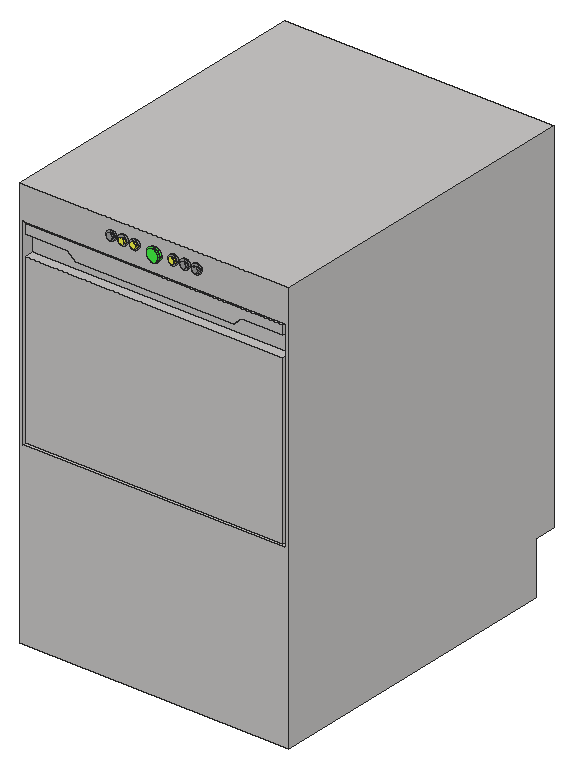
Revit family "QF_ZANUSSI_402205_ZSI", category Specialty Equipment, Revit 2018
Family settings
  Round Connector Dimension = Use Diameter
  Part Type = Normal
  Work Plane-Based = No
  Always vertical = Yes
  Cut with Voids When Loaded = No
  Shared = No
  Room Calculation Point = No
Parameters
  Weight = 37.00 kg
  Watts = 0 W
  Volts = 0 V
  URL Manufacturer = ""
  URL = "http://professional.electrolux.com/"
  Steam Supply Size = 0 mm
  Steam Supply Minimum Pressure = 0.0 Pa
  Steam Supply Maximum Pressure = 0.0 Pa
  Steam Pounds per Hour = 0
  Show Logo [instance] = yes
  Show Clearance [instance] = yes
  Refrigeration Suction Line Size = 0 mm
  Refrigeration Liquid Line Size = 0 mm
  Refrigerant Compressor Remote = yes
  Manufacturer = ""
  Phase = 0
  Model = ""
  Length Actual = 460 mm  # constant formula
  Item Number = ""
  Hot Water Size = 0 mm
  Height Actual = 715 mm  # constant formula
  HP = "4.4 HP"
  Gas Size = 0 mm
  Gas KW = 0
  Gas Input Pressure = 0 W
  Direct Waste Size = 22 mm
  Description = ""
  Depth Actual = 565 mm  # constant formula
  Cycle = 0 Hz
  Condensate Return Size = 0 mm
  Compressed Air Volume = 0.0 L/s
  Compressed Air Size = 0 mm
  Compressed Air Pressure = 0.0 Pa
  Cold Water Size = 0 mm
  Accessory = yes
Types (2, lengths in mm): name | Volts | URL Manufacturer | URL | Manufacturer | Phase | Model | Item Number | Description | Cycle | Cold Water Size
  (no name) | 0 V | "" | "http://professional.electrolux.com/" | "" | 0 | "" | "" | "" | 0 Hz | 0
  Standard | 230 V | "http://professional.electrolux.com" | "http://professional.electrolux.com" | "Electrolux Professional" | 1 | "ESI" | "402201" | "GLASSWASHER(S) DOUBLE SKIN, 30B/H" | 50 Hz | 19.05
Reference planes
  plane 1 "Center (Front/Back)": y = 0
  plane 2: z = 0
  plane 3 "Center (Left/Right)": x = 0
  plane 4 "LEFT": x = -230
  plane 5 "RIGHT": x = 230
  plane 6 "FRONT": y = -282.5
  plane 7 "BACK": y = 282.5
  plane 8: x = -202.5
  plane 9: x = 202.5
  plane 10: z = 715
  plane 11: z = 10
Forms (mm)
  Extrusion 1, solid, material "QF_Finishes_Stainless Steel"
    sketch origin (0, 0, 0) x (1, 0, 0) y (0, 1, 0)
      loop
        line (-230, -282.5) -> (230, -282.5) -> (230, 243.5) -> (-230, 243.5) -> (-230, -282.5)
    from 10 to 715
  Extrusion 2, solid, material "QF_Finishes_Stainless Steel"
    sketch origin (0, 0, 0) x (1, 0, 0) y (0, 1, 0)
      loop
        line (-230, 243.5) -> (230, 243.5) -> (230, 282.5) -> (-230, 282.5) -> (-230, 243.5)
    from 100 to 715
  Extrusion 3, solid, material "QF_Finishes_Stainless Steel"
    sketch origin (0, 0, 0) x (1, 0, 0) y (0, 1, 0)
      loop
        circle (-202.5, 184.5) r 12.5
      loop
        circle (202.5, 184.5) r 12.5
      loop
        circle (-202.5, -235.5) r 12.5
      loop
        circle (202.5, -235.5) r 12.5
    from 0 to 10
  Extrusion 4, void
    sketch origin (-230, -282.5, 0) x (-1, 0, 0) y (0, 0, 1)
      loop
        line (-5, 658.217) -> (-455, 658.217) -> (-455, 315) -> (-5, 315) -> (-5, 658.217)
    from 0 to 30
  Extrusion 5, solid, material "QF_Finishes_Stainless Steel"
    sketch origin (-288, -392, 738) x (0, 0, -1) y (1, 0, 0)
      loop
        circle (693, 213) r 10
    from -635.5 to -674.5
  Extrusion 6, solid, material "QF_Door-Drawer Clearances", visible <- "Show Clearance", detail levels coarse
    sketch origin (-230, -282.5, 0) x (0, 1, 0) y (0, 0, -1)
      loop
        line (0, -315) -> (-315, -315)
        arc (-315, -315) -> (-223.2, -545.869) -> (0, -655) r 344.605
        line (0, -655) -> (0, -315)
    from -10 to -450
  Extrusion 7, solid, material "QF_Finishes_Stainless Steel"
    sketch origin (-242.481, -392, 738) x (0, 0, -1) y (1, 0, 0)
      loop
        circle (663, 322.481) r 8
    from -635.5 to -674.5
  Extrusion 8, solid, material "QF_Finishes_Green"
    sketch origin (234, -282.5, -28.75) x (-1, 0, 0) y (0, 0, -1)
      loop
        circle (234, -714.569) r 10
    from 0 to 5
  Extrusion 9, solid, material "QF_Finishes_Gray"
    sketch origin (234, -282.5, -24.375) x (-1, 0, 0) y (0, 0, -1)
      loop
        circle (306.936, -713.972) r 5
    from 0 to 5
  Extrusion 10, solid, material "QF_Finishes_Stainless Steel"
    sketch origin (-230, -282.5, 0) x (0, 1, 0) y (0, 0, -1)
      loop
        line (0, -319.622) -> (0, -605) -> (15, -605) -> (15, -655) -> (25, -655) -> (25, -319.622) -> (0, -319.622)
    from -10 to -450
  Extrusion 11, solid, material "QF_Finishes_Stainless Steel"
    sketch origin (-230, -282.5, 0) x (0, 1, 0) y (0, 0, -1)
      loop
        line (15, -655) -> (15, -652.514) -> (2.5, -652.514) -> (2.5, -626.25) -> (0, -626.25) -> (0, -655) -> (15, -655)
    from -10 to -450
  Extrusion 12, void
    sketch origin (-230, -282.5, 655) x (0, 0, 1) y (1, 0, 0)
      loop
        line (-15.552, 10) -> (-15.552, 81.607) -> (-28.75, 94.804) -> (-28.75, 10) -> (-15.552, 10)
      loop
        line (-15.552, 450) -> (-28.75, 450) -> (-28.75, 365.196) -> (-15.552, 378.393) -> (-15.552, 450)
    from 0 to 2.5
  Extrusion 13, solid, material "QF_Finishes_Stainless Steel"
    sketch origin (-328, -392, 738) x (0, 0, -1) y (1, 0, 0)
      loop
        circle (663, 228) r 8
    from -635.5 to -674.5
  Extrusion 14, solid, material "QF_Finishes_Green"
    sketch origin (-230, -282.5, 0) x (1, 0, 0) y (0, 0, 1)
      loop
        circle (230, 685.819) r 12
      loop
        circle (230, 685.819) r 10
    from 0 to 2.5
  Extrusion 15, solid, material "QF_Finishes_Gray"
    sketch origin (-210, -282.5, -28.75) x (1, 0, 0) y (0, 0, 1)
      loop
        circle (262.936, 718.347) r 8
      loop
        circle (262.936, 718.347) r 5
      loop
        circle (242.936, 718.347) r 8
      loop
        circle (242.936, 718.347) r 5
      loop
        circle (282.936, 718.347) r 8
      loop
        circle (282.936, 718.347) r 5
    from 0 to 2.5
  Extrusion 16, solid, material "QF_Finishes_Gray"
    sketch origin (-234, -282.5, -24.375) x (1, 0, 0) y (0, 0, 1)
      loop
        circle (286.936, 713.972) r 5
      loop
        circle (306.936, 713.972) r 5
    from 0 to 5
  Extrusion 17, solid, material "QF_Finishes_Gray"
    sketch origin (210, -282.5, -28.75) x (-1, 0, 0) y (0, 0, -1)
      loop
        circle (262.936, -718.347) r 8
      loop
        circle (262.936, -718.347) r 5
      loop
        circle (242.936, -718.347) r 8
      loop
        circle (242.936, -718.347) r 5
      loop
        circle (282.936, -718.347) r 8
      loop
        circle (282.936, -718.347) r 5
    from 0 to 2.5
  Extrusion 18, solid, material "QF_Finishes_Yellow"
    sketch origin (254, -282.5, -24.375) x (-1, 0, 0) y (0, 0, -1)
      loop
        circle (306.936, -713.972) r 5
    from 0 to 5
  Extrusion 19, solid, material "QF_Finishes_Yellow"
    sketch origin (274, -282.5, -24.375) x (-1, 0, 0) y (0, 0, -1)
      loop
        circle (306.936, -713.972) r 5
    from 0 to 5
  Extrusion 20, solid, material "QF_Finishes_Yellow"
    sketch origin (339.871, -282.5, -24.375) x (-1, 0, 0) y (0, 0, -1)
      loop
        circle (306.936, -713.972) r 5
    from 0 to 5
Cuts and joins
  Extrusion 4 cuts Extrusion 1
  joined: Extrusion 1, Extrusion 2
  Extrusion 12 cuts Extrusion 10
  Extrusion 12 cuts Extrusion 11
Lines and regions (mm)
  Split face 1
    outline origin (-230, -282.5, 715) x (0, 0, -1) y (1, 0, 0)
      loop
        line (35, 0) -> (35, 60) -> (49.142, 74.142) -> (49.142, 214.142) -> (11.456, 214.142)
        arc (11.456, 214.142) -> (9.82, 214.82) -> (9.142, 216.456) r 2.314
        line (9.142, 216.456) -> (9.142, 230) -> (9.142, 243.544)
        arc (9.142, 243.544) -> (9.82, 245.18) -> (11.456, 245.858) r 2.314
        line (11.456, 245.858) -> (49.142, 245.858) -> (49.142, 385.858) -> (35, 400) -> (35, 460)
      loop
        line (56.783, 5) -> (56.783, 0)
      loop
        line (56.783, 455) -> (56.783, 460)
  symbolic lines
    curve 1: line (-230, 282.5, 0) -> (230, 282.5, 0)
    curve 2: line (-230, -282.5, 0) -> (-230, 282.5, 0)
    curve 3: line (230, -282.5, 0) -> (-230, -282.5, 0)
    curve 4: line (230, 282.5, 0) -> (230, -282.5, 0)
    curve 9: line (-80.94, -285, 0) -> (-80.94, -282.5, 0)
    curve 10: line (-64.948, -285, 0) -> (-64.948, -282.5, 0)
    curve 11: line (-77.926, -287.5, 0) -> (-67.936, -287.5, 0)
    curve 12: line (-67.936, -287.5, 0) -> (-67.936, -285, 0)
    curve 13: line (-77.926, -287.5, 0) -> (-77.926, -285, 0)
    curve 14: line (-60.936, -285, 0) -> (-44.936, -285, 0)
    curve 15: line (-44.936, -285, 0) -> (-44.936, -282.5, 0)
    curve 16: line (-60.936, -285, 0) -> (-60.936, -282.5, 0)
    curve 17: line (-57.936, -287.5, 0) -> (-47.936, -287.5, 0)
    curve 18: line (-47.936, -287.5, 0) -> (-47.936, -285, 0)
    curve 19: line (-57.936, -287.5, 0) -> (-57.936, -285, 0)
    curve 20: line (-40.936, -285, 0) -> (-24.936, -285, 0)
    curve 21: line (-24.936, -285, 0) -> (-24.936, -282.5, 0)
    curve 22: line (-40.936, -285, 0) -> (-40.936, -282.5, 0)
    curve 23: line (-37.936, -287.5, 0) -> (-27.936, -287.5, 0)
    curve 24: line (-27.936, -287.5, 0) -> (-27.936, -285, 0)
    curve 25: line (-37.936, -287.5, 0) -> (-37.936, -285, 0)
    curve 26: line (24.936, -285, 0) -> (40.936, -285, 0)
    curve 27: line (40.936, -285, 0) -> (40.936, -282.5, 0)
    curve 28: line (27.936, -287.5, 0) -> (37.936, -287.5, 0)
    curve 29: line (37.936, -287.5, 0) -> (37.936, -285, 0)
    curve 30: line (27.936, -287.5, 0) -> (27.936, -285, 0)
    curve 31: line (24.936, -285, 0) -> (24.936, -282.5, 0)
    curve 32: line (-12, -285, 0) -> (12, -285, 0)
    curve 33: line (12, -285, 0) -> (12, -282.5, 0)
    curve 34: line (-12, -285, 0) -> (-12, -282.5, 0)
    curve 35: line (-10, -287.5, 0) -> (10, -287.5, 0)
    curve 36: line (10, -287.5, 0) -> (10, -285, 0)
    curve 37: line (-10, -287.5, 0) -> (-10, -285, 0)
    curve 39: line (44.936, -285, 0) -> (60.936, -285, 0)
    curve 40: line (60.936, -285, 0) -> (60.936, -282.5, 0)
    curve 41: line (47.936, -287.5, 0) -> (57.936, -287.5, 0)
    curve 42: line (57.936, -287.5, 0) -> (57.936, -285, 0)
    curve 43: line (47.936, -287.5, 0) -> (47.936, -285, 0)
    curve 44: line (44.936, -285, 0) -> (44.936, -282.5, 0)
    curve 45: line (64.936, -285, 0) -> (80.936, -285, 0)
    curve 46: line (80.936, -285, 0) -> (80.936, -282.5, 0)
    curve 47: line (67.936, -287.5, 0) -> (77.936, -287.5, 0)
    curve 48: line (77.936, -287.5, 0) -> (77.936, -285, 0)
    curve 49: line (67.936, -287.5, 0) -> (67.936, -285, 0)
    curve 50: line (64.936, -285, 0) -> (64.936, -282.5, 0)
  symbolic lines, style "QF_Door-Drawer Clearances"
    curve 5: line (-220, -597.5, 0) -> (220, -597.5, 0)
    curve 6: line (220, -597.5, 0) -> (220, -282.5, 0)
    curve 7: line (-220, -597.5, 0) -> (-220, -282.5, 0)
  symbolic lines, style "SpecialityEquipment"
    curve 8: line (-80.94, -285, 0) -> (-64.948, -285, 0)
  symbolic lines, style "SpecialityEquipmentHiddenLines"
    curve 38: line (-230, 243.5, 0) -> (230, 243.5, 0)
Dimensions and locks
  equal spacing: plane 4 "LEFT", plane 3 "Center (Left/Right)", plane 5 "RIGHT"
  equal spacing: plane 7 "BACK", plane 1 "Center (Front/Back)", plane 6 "FRONT"
  plane 7 "BACK" to plane 6 "FRONT" = 565 mm
  plane 4 "LEFT" to plane 5 "RIGHT" = 460 mm
  plane 4 "LEFT" to plane 8 = 27.5 mm
  plane 9 to plane 5 "RIGHT" = 27.5 mm
  locked: plane 11 to level at 10
  plane 4 "LEFT" to plane 3 "Center (Left/Right)" = 230 mm
  plane 10 to level = 715 mm  (x2)
  plane 8 to plane 9 = 405 mm
  level to Extrusion 13 sketch curve = 75 mm
  Extrusion 13 sketch curve to plane 4 "LEFT" = 130 mm
  level to Extrusion 5 sketch curve = 45 mm
  Extrusion 5 sketch curve to plane 4 "LEFT" = 155 mm
  Extrusion 7 sketch curve to plane 4 "LEFT" = 310 mm
  level to Extrusion 7 sketch curve = 75 mm
  locked: Extrusion 3 to cut or joined group of Extrusion 1, Extrusion 2, Extrusion 4 at 98
  Extrusion 3 to Extrusion 3 = 420 mm
  locked: plane 6 "FRONT" to Extrusion 3 at 47
  plane 9 to plane 8 = 405 mm
  plane 7 "BACK" to curve 5 = 880 mm
  cut or joined group of Extrusion 10, Extrusion 12 to cut or joined group of Extrusion 1, Extrusion 2, Extrusion 4 = 290 mm
  aligned and locked: level to plane 2
  aligned and locked: Extrusion 1 sketch curve to plane 6 "FRONT"
  aligned and locked: Extrusion 1 sketch curve to plane 4 "LEFT"
  aligned and locked: plane 5 "RIGHT" to Extrusion 1 sketch curve
  aligned and locked: Extrusion 1 to plane 11
  aligned and locked: Extrusion 2 sketch curve to Extrusion 1  (x2)
  aligned and locked: plane 7 "BACK" to Extrusion 2 sketch curve
  aligned and locked: plane 5 "RIGHT" to Extrusion 2 sketch curve
  aligned and locked: plane 11 to Extrusion 3
  aligned and locked: Extrusion 2 to Extrusion 5
  aligned and locked: Extrusion 2 to Extrusion 7
  aligned and locked: plane 7 "BACK" to Extrusion 7
  aligned and locked: plane 7 "BACK" to Extrusion 5
  aligned and locked: cut or joined group of Extrusion 11, Extrusion 12 to Extrusion 12
  aligned and locked: plane 10 to Extrusion 2
Automatic sketch dimensions
  curve 1 to plane 4 "LEFT" = 0 mm
  curve 7 to plane 6 "FRONT" = 0 mm
  curve 4 to plane 5 "RIGHT" = 0 mm
  curve 2 to plane 7 "BACK" = 0 mm
  plane 4 "LEFT" to curve 5 = 10 mm
  curve 8 to plane 6 "FRONT" = 2.5 mm
  curve 8 to plane 3 "Center (Left/Right)" = 80.94 mm
  curve 8 to curve 11 = 3.013 mm
  curve 11 to curve 11 = 9.991 mm
  curve 12 to curve 10 = 2.987 mm
  curve 8 to curve 16 = 4.013 mm
  curve 14 to curve 19 = 3 mm
  curve 17 to plane 6 "FRONT" = 5 mm
  curve 17 to curve 17 = 10 mm
  curve 18 to curve 14 = 3 mm
  curve 14 to curve 20 = 4 mm
  curve 20 to curve 25 = 3 mm
  curve 24 to plane 6 "FRONT" = 5 mm
  curve 23 to curve 24 = 10 mm
  curve 24 to curve 21 = 3 mm
  curve 34 to plane 6 "FRONT" = 2.5 mm
  curve 34 to plane 3 "Center (Left/Right)" = 12 mm
  curve 32 to curve 37 = 2 mm
  plane 3 "Center (Left/Right)" to curve 36 = 10 mm
  curve 36 to curve 33 = 2 mm
  curve 26 to plane 6 "FRONT" = 2.5 mm
  curve 32 to curve 26 = 12.936 mm
  curve 26 to curve 30 = 3 mm
  curve 28 to plane 6 "FRONT" = 5 mm
  curve 28 to curve 28 = 10 mm
  curve 29 to curve 27 = 3 mm
  curve 26 to curve 44 = 4 mm
  curve 39 to curve 43 = 3 mm
  curve 41 to plane 6 "FRONT" = 5 mm
  curve 41 to curve 41 = 10 mm
  curve 42 to curve 39 = 3 mm
  curve 39 to curve 50 = 4 mm
  curve 45 to curve 47 = 3 mm
  curve 47 to plane 6 "FRONT" = 5 mm
  curve 47 to curve 47 = 10 mm
  curve 48 to curve 45 = 3 mm
  curve 6 to plane 5 "RIGHT" = 10 mm
  curve 35 to curve 36 = 2.5 mm
  curve 11 to curve 13 = 2.5 mm
  curve 15 to plane 6 "FRONT" = 2.5 mm
  curve 20 to plane 6 "FRONT" = 2.5 mm
  curve 40 to plane 6 "FRONT" = 2.5 mm
  curve 45 to plane 6 "FRONT" = 2.5 mm
  curve 38 to plane 7 "BACK" = 39 mm
  Extrusion 1 sketch curve to plane 7 "BACK" = 39 mm
  Extrusion 3 sketch curve to plane 8 = 0 mm  (x2)
  Extrusion 3 sketch curve to plane 9 = 0 mm  (x2)
  plane 6 "FRONT" to Extrusion 3 sketch curve = 47 mm  (x2)
  Extrusion 3 sketch curve to plane 7 "BACK" = 98 mm  (x2)
  Extrusion 4 sketch curve to Extrusion 1 = 5 mm  (x2)
  Extrusion 4 sketch curve to Extrusion 1 = 305 mm
  Extrusion 4 sketch curve to Extrusion 1 = 56.783 mm
  Extrusion 6 sketch curve to plane 6 "FRONT" = 0 mm
  Extrusion 6 sketch curve to plane 6 "FRONT" = 315 mm
  plane 6 "FRONT" to Extrusion 6 sketch curve = 29.589 mm
  Extrusion 6 sketch curve to plane 10 = 60 mm
  plane 11 to Extrusion 6 sketch curve = 305 mm
  Extrusion 8 sketch curve to Extrusion 8 sketch curve = 0 mm  (x2)
  Extrusion 8 sketch curve to plane 3 "Center (Left/Right)" = 0 mm
  Extrusion 8 sketch curve to plane 10 = 29.181 mm
  plane 3 "Center (Left/Right)" to Extrusion 8 sketch curve = 10 mm
  Extrusion 9 sketch curve to Extrusion 9 sketch curve = 0 mm  (x2)
  Extrusion 9 sketch curve to plane 10 = 25.403 mm
  Extrusion 9 sketch curve to plane 3 "Center (Left/Right)" = 72.936 mm
  Extrusion 9 sketch curve to Extrusion 9 sketch curve = 5 mm
  Extrusion 10 sketch curve to plane 6 "FRONT" = 0 mm
  plane 6 "FRONT" to Extrusion 10 sketch curve = 15 mm
  Extrusion 10 sketch curve to Extrusion 10 sketch curve = 25 mm
  Extrusion 10 sketch curve to plane 10 = 60 mm
  Extrusion 10 sketch curve to Extrusion 10 sketch curve = 50 mm
  Extrusion 10 sketch curve to Extrusion 10 sketch curve = 285.378 mm
  Extrusion 11 sketch curve to plane 6 "FRONT" = 0 mm
  Extrusion 11 sketch curve to Extrusion 11 sketch curve = 2.5 mm
  Extrusion 11 sketch curve to Extrusion 11 sketch curve = 12.5 mm
  Extrusion 11 sketch curve to plane 10 = 60 mm
  Extrusion 11 sketch curve to Extrusion 11 sketch curve = 2.486 mm
  Extrusion 11 sketch curve to Extrusion 11 sketch curve = 26.264 mm
  Extrusion 12 sketch curve to Extrusion 11 = 0 mm  (x3)
  Extrusion 11 to Extrusion 12 sketch curve = 0 mm
  Extrusion 12 sketch curve to Extrusion 11 = 13.198 mm  (x2)
  Extrusion 12 sketch curve to Extrusion 11 = 71.607 mm
  Extrusion 12 sketch curve to Extrusion 12 sketch curve = 13.198 mm  (x2)
  Extrusion 12 sketch curve to Extrusion 11 = 84.804 mm
  Extrusion 14 sketch curve to Extrusion 14 sketch curve = 0 mm  (x2)
  Extrusion 1 to Extrusion 14 sketch curve = 29.181 mm
  Extrusion 1 to Extrusion 14 sketch curve = 230 mm
  Extrusion 15 sketch curve to Extrusion 15 sketch curve = 0 mm  (x8)
  plane 3 "Center (Left/Right)" to Extrusion 15 sketch curve = 32.936 mm
  Extrusion 15 sketch curve to Extrusion 15 sketch curve = 20 mm  (x2)
  Extrusion 15 sketch curve to plane 10 = 25.403 mm
  Extrusion 16 sketch curve to Extrusion 16 sketch curve = 0 mm  (x5)
  Extrusion 16 sketch curve to plane 10 = 25.403 mm
  plane 3 "Center (Left/Right)" to Extrusion 16 sketch curve = 52.936 mm
  Extrusion 16 sketch curve to Extrusion 16 sketch curve = 20 mm
  Extrusion 16 sketch curve to Extrusion 16 sketch curve = 5 mm  (x2)
  Split face 1 sketch curve to cut or joined group of Extrusion 1, Extrusion 2, Extrusion 4 = 0 mm  (x6)
  cut or joined group of Extrusion 1, Extrusion 2, Extrusion 4 to Split face 1 sketch curve = 0 mm  (x2)
  cut or joined group of Extrusion 1, Extrusion 2, Extrusion 4 to Split face 1 sketch curve = 7.641 mm  (x2)
  Split face 1 sketch curve to Split face 1 sketch curve = 14.142 mm  (x4)
  Split face 1 sketch curve to cut or joined group of Extrusion 1, Extrusion 2, Extrusion 4 = 11.456 mm  (x2)
  Split face 1 sketch curve to cut or joined group of Extrusion 1, Extrusion 2, Extrusion 4 = 9.142 mm
  Split face 1 sketch curve to cut or joined group of Extrusion 1, Extrusion 2, Extrusion 4 = 55 mm
  Split face 1 sketch curve to Split face 1 sketch curve = 140 mm
  Split face 1 sketch curve to Split face 1 sketch curve = 13.544 mm  (x2)
  Split face 1 sketch curve to cut or joined group of Extrusion 1, Extrusion 2, Extrusion 4 = 69.142 mm
  Extrusion 17 sketch curve to Extrusion 17 sketch curve = 0 mm  (x8)
  Extrusion 17 sketch curve to plane 3 "Center (Left/Right)" = 32.936 mm
  Extrusion 17 sketch curve to Extrusion 17 sketch curve = 20 mm  (x2)
  Extrusion 17 sketch curve to plane 10 = 25.403 mm
  Extrusion 18 sketch curve to Extrusion 18 sketch curve = 0 mm  (x2)
  Extrusion 18 sketch curve to plane 10 = 25.403 mm
  Extrusion 18 sketch curve to plane 3 "Center (Left/Right)" = 52.936 mm
  Extrusion 18 sketch curve to Extrusion 18 sketch curve = 5 mm
  Extrusion 19 sketch curve to Extrusion 19 sketch curve = 0 mm  (x2)
  Extrusion 19 sketch curve to plane 3 "Center (Left/Right)" = 32.936 mm
  Extrusion 19 sketch curve to plane 10 = 25.403 mm
  Extrusion 19 sketch curve to Extrusion 19 sketch curve = 5 mm
  Extrusion 20 sketch curve to Extrusion 20 sketch curve = 0 mm  (x2)
  plane 3 "Center (Left/Right)" to Extrusion 20 sketch curve = 32.936 mm
  Extrusion 20 sketch curve to plane 10 = 25.403 mm
  Extrusion 20 sketch curve to Extrusion 20 sketch curve = 5 mm
  radius of Extrusion 5 sketch curve = 10 mm
  radius of Extrusion 7 sketch curve = 8 mm
  radius of Extrusion 13 sketch curve = 8 mm
  radius of Extrusion 3 sketch curve = 12.5 mm  (x4)
  radius of Extrusion 14 sketch curve = 12 mm
  radius of Extrusion 14 sketch curve = 10 mm
  radius of Extrusion 15 sketch curve = 8 mm  (x3)
  radius of Extrusion 15 sketch curve = 5 mm  (x3)
  radius of Extrusion 17 sketch curve = 8 mm  (x3)
  radius of Extrusion 17 sketch curve = 5 mm  (x3)
Connectors
  piping at (-75, 282.5, 45), diameter 20
    settings: on Extrusion 5, index 1, connector inside diameter 609.6 mm, connector length 0 mm, flow factor 0, pipe flow 0.0 L/s, pressure drop 0.0 Pa, fitting loss kfactor 0, connector angle 0.00°, fixture units 0, engagement length 0 mm, angle of deflection 0.00°, flow configuration 1, flow direction 1, fitting loss method 0, system type 16, joint type 0, gender type 0, connector reference index -1, connector utility 0, adjustable connector no, is connector primary yes, connector description "Drain"
  piping at (80, 282.5, 75), driven by "Cold Water Size"
    settings: on Extrusion 7, index 3, connector diameter 0 mm, connector inside diameter 609.6 mm, connector length 0 mm, flow factor 0, pipe flow 0.0 L/s, pressure drop 0.0 Pa, fitting loss kfactor 0, connector angle 0.00°, fixture units 0, engagement length 0 mm, angle of deflection 0.00°, flow configuration 1, flow direction 1, fitting loss method 0, system type 20, joint type 0, gender type 0, connector reference index -1, connector utility 0, adjustable connector no, is connector primary no, connector description "Cold Water Inlet"
  electrical at (-100, 282.5, 75), driven by "Volts"
    settings: on Extrusion 13, index 4, voltage 0 V, apparent load 0 VA, apparent load phase1 0 VA, apparent load phase2 0 VA, apparent load phase3 0 VA, power factor 1, load classification "Altro", number of poles 1, system type 31, power factor state 1, is connector primary yes, connector utility no, sub classification motor no, connector description "Electrical Connection"
